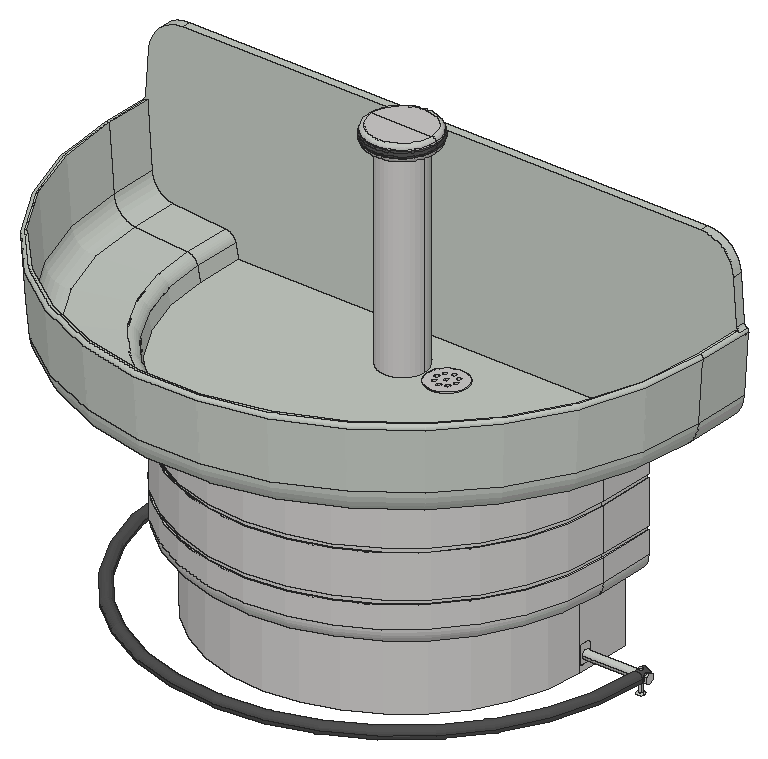
Revit family "Washfountain_Lavatory-Bradley_Corp-WF2504-Type_A_Drain", category Plumbing Fixtures, Revit 2012 (continued)
Lines and regions (in)
  model lines, not visible
    curve 171: line (-21.00049, -5.09016, 0) -> (-21.00049, -4.125, 0)
    curve 172: arc (21.00049, -5.09016, 0) -> (0, -26.09065, 0) -> (-21.00049, -5.09016, 0) r 21.00049
    curve 173: line (21.00049, -4.125, 0) -> (21.00049, -5.09016, 0)
  sketch lines
    curve 17: line (-26.97649, -5.09016, 29.5) -> (-26.97649, 0, 29.5)
    curve 18: arc (-26.97649, -5.09016, 29.5) -> (0, -32.06665, 29.5) -> (26.97649, -5.09016, 29.5) r 26.97649
    curve 19: line (26.97649, -5.09016, 29.5) -> (26.97649, 0, 29.5)
    curve 20: line (-26.97649, -5.09016, 29.5) -> (-26.97649, 0, 29.5)
    curve 21: arc (-26.97649, -5.09016, 29.5) -> (0, -32.06665, 29.5) -> (26.97649, -5.09016, 29.5) r 26.97649
    curve 22: line (26.97649, -5.09016, 29.5) -> (26.97649, 0, 29.5)
    curve 26: line (-18.00049, 0, 19) -> (-18.00049, -5.09016, 19)
    curve 27: arc (-18.00049, -5.09016, 19) -> (0, -23.09065, 19) -> (18.00049, -5.09016, 19) r 18.00049
    curve 28: line (18.00049, -5.09016, 19) -> (18.00049, 0, 19)
    curve 29: line (-18.00049, 0, 19) -> (-18.00049, -5.09016, 19)
    curve 30: arc (-18.00049, -5.09016, 19) -> (0, -23.09065, 19) -> (18.00049, -5.09016, 19) r 18.00049
    curve 31: line (18.00049, -5.09016, 19) -> (18.00049, 0, 19)
    curve 32: line (-18.00049, 0, 19) -> (-18.00049, -5.09016, 19)
    curve 33: arc (-18.00049, -5.09016, 19) -> (0, -23.09065, 19) -> (18.00049, -5.09016, 19) r 18.00049
    curve 34: line (18.00049, -5.09016, 19) -> (18.00049, 0, 19)
    curve 35: line (-18.00049, 0, 19) -> (-18.00049, -5.09016, 19)
    curve 36: arc (-18.00049, -5.09016, 19) -> (0, -23.09065, 19) -> (18.00049, -5.09016, 19) r 18.00049
    curve 37: line (18.00049, -5.09016, 19) -> (18.00049, 0, 19)
    curve 174: line (-21.00049, -5.09016, 0) -> (-21.00049, -4.125, 0)
    curve 175: arc (21.00049, -5.09016, 0) -> (0, -26.09065, 0) -> (-21.00049, -5.09016, 0) r 21.00049
    curve 176: line (21.00049, -4.125, 0) -> (21.00049, -5.09016, 0)
  symbolic lines, visible <- "Standard Height"
    curve 38: line (-15.8525, 0, 6.50286) -> (15.85299, 0, 6.50286)
    curve 59: line (0, -20.94266, 6.50286) -> (0, 0, 6.50286)
  symbolic lines, visible <- "Standard Height", detail levels fine
    curve 39: line (17.87156, 0, 10.0615) -> (-17.87156, 0, 10.0615)
    curve 41: line (17.87156, 0, 10.43646) -> (-17.87156, 0, 10.43646)
    curve 42: line (17.87156, 0, 14.24904) -> (-17.87156, 0, 14.24904)
    curve 44: line (17.87156, 0, 14.624) -> (-17.87156, 0, 14.624)
    curve 60: line (0, -22.9605, 10.0615) -> (0, 0, 10.0615)
    curve 61: line (0, -22.9605, 10.43646) -> (0, 0, 10.43646)
    curve 63: line (0, -22.9605, 14.24904) -> (0, 0, 14.24904)
    curve 64: line (0, -22.9605, 14.624) -> (0, 0, 14.624)
  symbolic lines, visible <- "Standard Height", detail levels medium
    curve 40: line (-17.87156, 0, 10.24898) -> (17.87156, 0, 10.24898)
    curve 43: line (-17.87156, 0, 14.43652) -> (17.87156, 0, 14.43652)
    curve 62: line (0, -22.9605, 10.24898) -> (0, 0, 10.24898)
    curve 65: line (0, -22.9605, 14.43652) -> (0, 0, 14.43652)
  symbolic lines, visible <- "Juvenile Height"
    curve 45: line (-15.8525, 0, 9.1514) -> (15.8525, 0, 9.1514)
    curve 52: line (0, -20.94266, 9.1514) -> (0, 0, 9.1514)
  symbolic lines, visible <- "Juvenile Height", detail levels fine
    curve 46: line (17.89889, 0, 11.95585) -> (-17.89889, 0, 11.95585)
    curve 47: line (-17.89889, 0, 12.25134) -> (17.89889, 0, 12.25134)
    curve 49: line (17.89889, 0, 15.25592) -> (-17.89889, 0, 15.25592)
    curve 50: line (-17.89889, 0, 15.55141) -> (17.89889, 0, 15.55141)
    curve 53: line (0, -22.98904, 11.95585) -> (0, 0, 11.95585)
    curve 54: line (0, -22.98904, 12.25134) -> (0, 0, 12.25134)
    curve 56: line (0, -22.98904, 15.25592) -> (0, 0, 15.25592)
    curve 57: line (0, -22.98904, 15.55141) -> (0, 0, 15.55141)
  symbolic lines, visible <- "Juvenile Height", detail levels medium
    curve 48: line (17.89889, 0, 12.1036) -> (-17.89889, 0, 12.1036)
    curve 51: line (17.89889, 0, 15.40367) -> (-17.89889, 0, 15.40367)
    curve 55: line (0, -22.98904, 12.1036) -> (0, 0, 12.1036)
    curve 58: line (0, -22.98904, 15.40367) -> (0, 0, 15.40367)
  symbolic lines, detail levels coarse
    curve 66: line (0, -24.19857, 21.03318) -> (0, 0, 21.03318)
    curve 102: line (26.76758, 0, 29.5) -> (26.99999, 0, 29.5)
    curve 103: line (-26.76758, 0, 29.5) -> (-26.99999, 0, 29.5)
  symbolic lines, detail levels medium+fine
    curve 67: arc (0, -24.5796, 21.06589) -> (0, -20.96589, 20.75555) -> (0, -17.33954, 20.68645) r 54.45771
    curve 68: arc (-19.4921, -32.2274, 21.06542) -> (0, -32.2274, 20.35292) -> (19.4921, -32.2274, 21.06542) r 266.9846
    curve 73: line (-3.035, -5.25, 38.30527) -> (3.035, -5.25, 38.30527)
    curve 76: line (3.035, -5.25, 37.80542) -> (-3.03521, -5.25, 37.80542)
    curve 86: line (0, -2.215, 38.30527) -> (0, -8.28501, 38.30527)
    curve 89: line (0, -8.285, 37.80542) -> (0, -2.21501, 37.80542)
    curve 155: circle (0, -5.25, 38.75) r 3.035 normal (0, 0, 1)
    curve 209: circle (4, -5.25, 29.5) r 1.25 normal (0, 0, 1)
    curve 210: circle (4, -5.25, 29.5) r 0.1842 normal (0, 0, 1)
    curve 211: circle (4, -4.37229, 29.5) r 0.1842 normal (0, 0, 1)
    curve 212: circle (4.62063, -4.62937, 29.5) r 0.1842 normal (0, 0, 1)
    curve 213: circle (4.87771, -5.25, 29.5) r 0.1842 normal (0, 0, 1)
    curve 214: circle (4.62063, -5.87063, 29.5) r 0.1842 normal (0, 0, 1)
    curve 215: circle (4, -6.12771, 29.5) r 0.1842 normal (0, 0, 1)
    curve 216: circle (3.37937, -5.87063, 29.5) r 0.1842 normal (0, 0, 1)
    curve 217: circle (3.12229, -5.25, 29.5) r 0.1842 normal (0, 0, 1)
    curve 218: circle (3.37937, -4.62937, 29.5) r 0.1842 normal (0, 0, 1)
  symbolic lines, visible <- "Sensor Module", detail levels fine
    curve 69: line (-4.49987, -5.25, 41.68459) -> (4.49987, -5.25, 41.68459)
    curve 92: line (0, -0.75014, 41.68459) -> (0, -9.75014, 41.68459)
  symbolic lines, visible <- "Sensor Module", detail levels medium
    curve 70: line (4.57537, -5.25, 40.23512) -> (-4.57537, -5.25, 40.23512)
    curve 93: line (0, -9.82537, 40.23512) -> (0, -0.67463, 40.23512)
  symbolic lines, visible <- "Sensor Module"
    curve 71: line (-2, -5.25, 39.40962) -> (1.99689, -5.25, 39.40962)
    curve 94: line (0, -3.25001, 39.40962) -> (0, -7.25, 39.40962)
  symbolic lines, detail levels medium
    curve 72: line (-3.125, -5.25, 38.30527) -> (-3.035, -5.25, 38.30527)
    curve 74: line (3.035, -5.25, 38.30527) -> (3.125, -5.25, 38.30527)
    curve 75: line (3.125, -5.25, 37.80542) -> (3.035, -5.25, 37.80542)
    curve 77: line (-3.03521, -5.25, 37.80542) -> (-3.125, -5.25, 37.80542)
    curve 85: line (0, -2.125, 38.30527) -> (0, -2.215, 38.30527)
    curve 87: line (0, -8.28501, 38.30527) -> (0, -8.375, 38.30527)
    curve 88: line (0, -8.375, 37.80542) -> (0, -8.285, 37.80542)
    curve 90: line (0, -2.21501, 37.80542) -> (0, -2.125, 37.80542)
  symbolic lines
    curve 78: line (-2, -5.25, 37.36037) -> (2, -5.25, 37.36037)
    curve 91: line (0, -3.25001, 37.36037) -> (0, -7.25001, 37.36037)
    curve 101: line (-26.76758, 0, 29.5) -> (26.76758, 0, 29.5)
    curve 146: line (-18.00049, -5.09016, 29.5) -> (-18.00049, -0.8003, 29.5)
    curve 147: arc (-18.00049, -5.09016, 29.5) -> (0, -23.09065, 29.5) -> (18.00049, -5.09016, 29.5) r 18.00049
    curve 148: line (18.00049, -0.8003, 29.5) -> (18.00049, -5.09016, 29.5)
    curve 156: line (-26.99999, -0.8003, 29.5) -> (26.99999, -0.8003, 29.5)
    curve 204: line (-26.50049, -5.09016, 29.5) -> (-26.50049, -0.8003, 29.5)
    curve 205: arc (26.50049, -5.09016, 29.5) -> (0, -31.59065, 29.5) -> (-26.50049, -5.09016, 29.5) r 26.50049
    curve 206: line (26.50049, -0.8003, 29.5) -> (26.50049, -5.09016, 29.5)
    curve 208: circle (4, -5.25, 29.5) r 1.75 normal (0, 0, 1)
  symbolic lines, visible <- "Soap Dispenser", detail levels medium+fine
    curve 79: line (-6.24592, -5.25, 46.25047) -> (6.24592, -5.25, 46.25047)
    curve 96: line (0, -11.49592, 46.25047) -> (0, -3, 46.25047)
    curve 151: line (-5.85471, -3, 47.25) -> (-5.85471, -5.25, 47.25)
    curve 152: arc (5.85471, -5.25, 47.25) -> (0, -11.10471, 47.25) -> (-5.85471, -5.25, 47.25) r 5.85471
    curve 153: line (5.85471, -5.25, 47.25) -> (5.85471, -3, 47.25)
  symbolic lines, visible <- "Soap Dispenser", detail levels fine
    curve 80: line (6.24592, -5.25, 46.87642) -> (-6.24592, -5.25, 46.87642)
    curve 81: line (-5.97, -5.25, 45.63597) -> (5.97, -5.25, 45.63597)
    curve 82: line (5.93, -5.25, 44.38597) -> (-5.93, -5.25, 44.38597)
    curve 83: line (-5.88598, -5.25, 43.13598) -> (5.88598, -5.25, 43.13598)
    curve 84: line (5.85471, -5.25, 41.88597) -> (-5.85471, -5.25, 41.88597)
    curve 95: line (0, -11.49592, 46.87642) -> (0, -3, 46.87642)
    curve 97: line (0, -11.22, 45.63597) -> (0, -3, 45.63597)
    curve 98: line (0, -11.18, 44.38597) -> (0, -3, 44.38597)
    curve 99: line (0, -11.13598, 43.13598) -> (0, -3, 43.13598)
    curve 100: line (0, -11.10471, 41.88597) -> (0, -3, 41.88597)
  model lines, visible <- "Towel Dispenser", detail levels fine
    curve 106: spline (3.55188, -13.597, 53.37502) -> (3.64368, -13.43362, 56.41615) -> (3.91281, -12.95459, 59.25002) -> (4.34094, -12.19257, 61.68353) -> (4.89888, -11.19948, 63.55082) -> (5.54862, -10.04301, 64.72465) -> (6.24588, -8.80197, 65.12502) -> (6.94314, -7.56092, 64.72465) -> (7.59288, -6.40445, 63.55082) -> (8.15082, -5.41136, 61.68353) -> (8.57895, -4.64934, 59.25002) -> (8.84808, -4.17032, 56.41615) -> (8.93988, -4.00693, 53.37502)
    curve 107: spline (-8.93988, -4.00693, 53.37502) -> (-8.84808, -4.17032, 56.41615) -> (-8.57895, -4.64934, 59.25002) -> (-8.15082, -5.41136, 61.68353) -> (-7.59288, -6.40445, 63.55082) -> (-6.94314, -7.56092, 64.72465) -> (-6.24588, -8.80197, 65.12502) -> (-5.54862, -10.04301, 64.72465) -> (-4.89888, -11.19948, 63.55082) -> (-4.34094, -12.19257, 61.68353) -> (-3.91281, -12.95459, 59.25002) -> (-3.64368, -13.43362, 56.41615) -> (-3.55188, -13.597, 53.37502)
    curve 140: spline (-7.98129, -5.71312, 55.97659) -> (-7.96197, -5.74749, 56.01066) -> (-7.94398, -5.77953, 56.11056) -> (-7.92852, -5.80703, 56.26948) -> (-7.91666, -5.82814, 56.47659) -> (-7.90921, -5.84141, 56.71777) -> (-7.90667, -5.84593, 56.97659) -> (-7.90921, -5.84141, 57.2354) -> (-7.91666, -5.82814, 57.47659) -> (-7.92852, -5.80703, 57.68369) -> (-7.94398, -5.77953, 57.84261) -> (-7.96197, -5.74749, 57.94251) -> (-7.98129, -5.71312, 57.97659) -> (-8.0006, -5.67874, 57.94251) -> (-8.0186, -5.64671, 57.84261) -> (-8.03405, -5.6192, 57.68369) -> (-8.04591, -5.59809, 57.47659) -> (-8.05337, -5.58483, 57.2354) -> (-8.05591, -5.5803, 56.97659) -> (-8.05337, -5.58483, 56.71777) -> (-8.04591, -5.59809, 56.47659) -> (-8.03405, -5.6192, 56.26948) -> (-8.0186, -5.64671, 56.11056) -> (-8.0006, -5.67874, 56.01066) -> (-7.98129, -5.71312, 55.97659)
    curve 141: spline (4.51047, -11.89081, 55.97659) -> (4.52978, -11.85644, 56.01066) -> (4.54778, -11.82441, 56.11056) -> (4.56324, -11.7969, 56.26948) -> (4.57509, -11.77579, 56.47659) -> (4.58255, -11.76252, 56.71777) -> (4.58509, -11.758, 56.97659) -> (4.58255, -11.76252, 57.2354) -> (4.57509, -11.77579, 57.47659) -> (4.56324, -11.7969, 57.68369) -> (4.54778, -11.82441, 57.84261) -> (4.52978, -11.85644, 57.94251) -> (4.51047, -11.89081, 57.97659) -> (4.49116, -11.92519, 57.94251) -> (4.47316, -11.95722, 57.84261) -> (4.45771, -11.98473, 57.68369) -> (4.44585, -12.00584, 57.47659) -> (4.43839, -12.01911, 57.2354) -> (4.43585, -12.02363, 56.97659) -> (4.43839, -12.01911, 56.71777) -> (4.44585, -12.00584, 56.47659) -> (4.45771, -11.98473, 56.26948) -> (4.47316, -11.95722, 56.11056) -> (4.49116, -11.92519, 56.01066) -> (4.51047, -11.89081, 55.97659)
  symbolic lines, visible <- "Towel Dispenser"
    curve 108: line (-8.93988, -27, 66.62567) -> (-3.55188, -27, 66.62567)
    curve 109: line (-0.06458, -27, 67.313) -> (-3.55188, -27, 66.62567)
    curve 110: line (3.55188, -27, 66.62567) -> (0.06458, -27, 67.313)
    curve 111: line (8.93988, -27, 66.62567) -> (3.55188, -27, 66.62567)
    curve 112: line (3.55188, -27, 53.37502) -> (3.55188, -27, 66.62567)
    curve 113: line (-3.55188, -27, 66.62567) -> (-3.55188, -27, 53.37502)
    curve 114: line (-8.93988, -27, 53.37502) -> (-3.55188, -27, 53.37502)
    curve 115: line (-3.55188, -27, 53.37502) -> (-1.59028, -27, 52)
    curve 116: line (1.59028, -27, 52) -> (3.55188, -27, 53.37502)
    curve 125: line (0.06458, -27, 67.313) -> (0.06458, -27, 52)
    curve 126: line (-0.06458, -27, 52) -> (-0.06458, -27, 67.313)
    curve 130: line (0, -4.00693, 66.62567) -> (0, -2.04766, 67.313)
    curve 131: line (0, -4.00693, 66.62567) -> (0, -13.597, 66.62567)
    curve 132: line (0, -4.00693, 53.37502) -> (0, -4.00693, 66.62567)
    curve 133: line (0, -4.00693, 53.37502) -> (0, -13.597, 53.37502)
    curve 134: line (0, -2.90484, 52) -> (0, -4.00693, 53.37502)
    curve 145: line (8.93988, -27, 53.37502) -> (3.55188, -27, 53.37502)
    curve 149: line (-6.97827, -2.90484, 52) -> (-1.59028, -12.49491, 52)
    curve 150: line (6.97827, -2.90484, 52) -> (1.59028, -12.49491, 52)
    curve 157: line (-0.06458, -11.63773, 52) -> (-5.45258, -2.04766, 52)
    curve 158: line (5.45258, -2.04766, 52) -> (0.06458, -11.63773, 52)
    curve 160: line (-5.45258, 3, 67.313) -> (-5.45258, 3, 52)
    curve 161: line (5.45258, 3, 67.313) -> (5.45258, 3, 52)
    curve 162: line (5.45258, 3, 66.62567) -> (-5.45258, 3, 66.62567)
    curve 163: line (-5.45258, 3, 66.12567) -> (5.45258, 3, 66.12567)
    curve 164: line (5.45258, 3, 53.5786) -> (-5.45258, 3, 53.5786)
    curve 165: line (-5.45258, 3, 53.0786) -> (5.45258, 3, 53.0786)
    curve 166: line (-2, 3, 66.12567) -> (-2, 3, 53.5786)
    curve 167: line (2, 3, 66.12567) -> (2, 3, 53.5786)
    curve 168: line (-2, 3, 53.0786) -> (-2, 3, 52)
    curve 169: line (2, 3, 53.0786) -> (2, 3, 52)
    curve 170: line (-2, -27, 52) -> (2, -27, 52)
  symbolic lines, visible <- "Towel Dispenser", detail levels medium+fine
    curve 117: line (3.86374, -27, 53.0786) -> (7.78228, -27, 53.0786)
    curve 118: spline (7.78228, -27, 53.0786) -> (7.85835, -27, 53.06528) -> (7.89121, -27, 53.02621) -> (7.87863, -27, 52.96406) -> (7.82146, -27, 52.88306) -> (7.7236, -27, 52.78873) -> (7.59171, -27, 52.68751) -> (7.43479, -27, 52.58629) -> (7.26353, -27, 52.49197) -> (7.08959, -27, 52.41097) -> (6.92485, -27, 52.34882) -> (6.78051, -27, 52.30975) -> (6.66642, -27, 52.29642)
    curve 119: line (6.66642, -27, 52.29642) -> (2.74787, -27, 52.29642)
    curve 120: spline (2.74787, -27, 52.29642) -> (2.6718, -27, 52.30975) -> (2.63894, -27, 52.34882) -> (2.65152, -27, 52.41097) -> (2.70869, -27, 52.49197) -> (2.80656, -27, 52.58629) -> (2.93844, -27, 52.68751) -> (3.09536, -27, 52.78873) -> (3.26663, -27, 52.88306) -> (3.44056, -27, 52.96406) -> (3.60531, -27, 53.02621) -> (3.74965, -27, 53.06528) -> (3.86374, -27, 53.0786)
    curve 121: line (-3.86374, -27, 53.0786) -> (-7.78228, -27, 53.0786)
    curve 122: spline (-7.78228, -27, 53.0786) -> (-7.85835, -27, 53.06528) -> (-7.89121, -27, 53.02621) -> (-7.87863, -27, 52.96406) -> (-7.82146, -27, 52.88306) -> (-7.7236, -27, 52.78873) -> (-7.59171, -27, 52.68751) -> (-7.43479, -27, 52.58629) -> (-7.26353, -27, 52.49197) -> (-7.08959, -27, 52.41097) -> (-6.92485, -27, 52.34882) -> (-6.78051, -27, 52.30975) -> (-6.66642, -27, 52.29642)
    curve 123: line (-6.66642, -27, 52.29642) -> (-2.74787, -27, 52.29642)
    curve 124: spline (-2.74787, -27, 52.29642) -> (-2.6718, -27, 52.30975) -> (-2.63894, -27, 52.34882) -> (-2.65152, -27, 52.41097) -> (-2.70869, -27, 52.49197) -> (-2.80656, -27, 52.58629) -> (-2.93844, -27, 52.68751) -> (-3.09536, -27, 52.78873) -> (-3.26663, -27, 52.88306) -> (-3.44056, -27, 52.96406) -> (-3.60531, -27, 53.02621) -> (-3.74965, -27, 53.06528) -> (-3.86374, -27, 53.0786)
    curve 135: line (0, -5.07708, 53.0786) -> (0, -12.05168, 53.0786)
    curve 136: spline (0, -12.05168, 53.0786) -> (0, -12.21024, 53.06528) -> (0, -12.33662, 53.02621) -> (0, -12.42223, 52.96406) -> (0, -12.46122, 52.88306) -> (0, -12.45094, 52.78873) -> (0, -12.39209, 52.68751) -> (0, -12.28868, 52.58629) -> (0, -12.14776, 52.49197) -> (0, -11.97892, 52.41097) -> (0, -11.79369, 52.34882) -> (0, -11.60467, 52.30975) -> (0, -11.42476, 52.29642)
    curve 137: line (0, -11.42476, 52.29642) -> (0, -4.45016, 52.29642)
    curve 138: spline (0, -4.45016, 52.29642) -> (0, -4.29161, 52.30975) -> (0, -4.16522, 52.34882) -> (0, -4.07961, 52.41097) -> (0, -4.04062, 52.49197) -> (0, -4.0509, 52.58629) -> (0, -4.10975, 52.68751) -> (0, -4.21316, 52.78873) -> (0, -4.35409, 52.88306) -> (0, -4.52292, 52.96406) -> (0, -4.70815, 53.02621) -> (0, -4.89717, 53.06528) -> (0, -5.07708, 53.0786)
  symbolic lines, visible <- "Towel Dispenser", detail levels fine
    curve 127: spline (3.55188, -27, 53.37502) -> (3.64368, -27, 56.41615) -> (3.91281, -27, 59.25002) -> (4.34094, -27, 61.68353) -> (4.89888, -27, 63.55082) -> (5.54862, -27, 64.72465) -> (6.24588, -27, 65.12502) -> (6.94314, -27, 64.72465) -> (7.59288, -27, 63.55082) -> (8.15082, -27, 61.68353) -> (8.57895, -27, 59.25002) -> (8.84808, -27, 56.41615) -> (8.93988, -27, 53.37502)
    curve 128: spline (-8.93988, -27, 53.37502) -> (-8.84808, -27, 56.41615) -> (-8.57895, -27, 59.25002) -> (-8.15082, -27, 61.68353) -> (-7.59288, -27, 63.55082) -> (-6.94314, -27, 64.72465) -> (-6.24588, -27, 65.12502) -> (-5.54862, -27, 64.72465) -> (-4.89888, -27, 63.55082) -> (-4.34094, -27, 61.68353) -> (-3.91281, -27, 59.25002) -> (-3.64368, -27, 56.41615) -> (-3.55188, -27, 53.37502)
    curve 139: spline (0, -4.00693, 53.37502) -> (0, -4.17032, 56.41615) -> (0, -4.64934, 59.25002) -> (0, -5.41136, 61.68353) -> (0, -6.40445, 63.55082) -> (0, -7.56092, 64.72465) -> (0, -8.80197, 65.12502) -> (0, -10.04301, 64.72465) -> (0, -11.19948, 63.55082) -> (0, -12.19257, 61.68353) -> (0, -12.95459, 59.25002) -> (0, -13.43362, 56.41615) -> (0, -13.597, 53.37502)
    curve 142: spline (-7.98129, -27, 55.97659) -> (-7.96197, -27, 56.01066) -> (-7.94398, -27, 56.11056) -> (-7.92852, -27, 56.26948) -> (-7.91666, -27, 56.47659) -> (-7.90921, -27, 56.71777) -> (-7.90667, -27, 56.97659) -> (-7.90921, -27, 57.2354) -> (-7.91666, -27, 57.47659) -> (-7.92852, -27, 57.68369) -> (-7.94398, -27, 57.84261) -> (-7.96197, -27, 57.94251) -> (-7.98129, -27, 57.97659) -> (-8.0006, -27, 57.94251) -> (-8.0186, -27, 57.84261) -> (-8.03405, -27, 57.68369) -> (-8.04591, -27, 57.47659) -> (-8.05337, -27, 57.2354) -> (-8.05591, -27, 56.97659) -> (-8.05337, -27, 56.71777) -> (-8.04591, -27, 56.47659) -> (-8.03405, -27, 56.26948) -> (-8.0186, -27, 56.11056) -> (-8.0006, -27, 56.01066) -> (-7.98129, -27, 55.97659)
    curve 143: spline (4.51047, -27, 55.97659) -> (4.52978, -27, 56.01066) -> (4.54778, -27, 56.11056) -> (4.56324, -27, 56.26948) -> (4.57509, -27, 56.47659) -> (4.58255, -27, 56.71777) -> (4.58509, -27, 56.97659) -> (4.58255, -27, 57.2354) -> (4.57509, -27, 57.47659) -> (4.56324, -27, 57.68369) -> (4.54778, -27, 57.84261) -> (4.52978, -27, 57.94251) -> (4.51047, -27, 57.97659) -> (4.49116, -27, 57.94251) -> (4.47316, -27, 57.84261) -> (4.45771, -27, 57.68369) -> (4.44585, -27, 57.47659) -> (4.43839, -27, 57.2354) -> (4.43585, -27, 56.97659) -> (4.43839, -27, 56.71777) -> (4.44585, -27, 56.47659) -> (4.45771, -27, 56.26948) -> (4.47316, -27, 56.11056) -> (4.49116, -27, 56.01066) -> (4.51047, -27, 55.97659)
    curve 144: spline (0, -5.71312, 55.97659) -> (0, -5.74749, 56.01066) -> (0, -5.77953, 56.11056) -> (0, -5.80703, 56.26948) -> (0, -5.82814, 56.47659) -> (0, -5.84141, 56.71777) -> (0, -5.84593, 56.97659) -> (0, -5.84141, 57.2354) -> (0, -5.82814, 57.47659) -> (0, -5.80703, 57.68369) -> (0, -5.77953, 57.84261) -> (0, -5.74749, 57.94251) -> (0, -5.71312, 57.97659) -> (0, -5.67874, 57.94251) -> (0, -5.64671, 57.84261) -> (0, -5.6192, 57.68369) -> (0, -5.59809, 57.47659) -> (0, -5.58483, 57.2354) -> (0, -5.5803, 56.97659) -> (0, -5.58483, 56.71777) -> (0, -5.59809, 56.47659) -> (0, -5.6192, 56.26948) -> (0, -5.64671, 56.11056) -> (0, -5.67874, 56.01066) -> (0, -5.71312, 55.97659)
  symbolic lines, visible <- "Sensor Module", detail levels medium+fine
    curve 154: circle (0, -5.25, 42.25) r 2.10282 normal (0, 0, 1)
  symbolic lines, visible <- "Foot Control Valve"
    curve 177: line (-15.978, 0, 1.796) -> (-20.65712, 0, 1.796)
    curve 178: line (-15.978, 0, 1.054) -> (-20.65712, 0, 1.054)
    curve 179: arc (-20.88349, 0, 1.925) -> (-20.50058, 0, 1.425) -> (-20.88349, 0, 0.925) r 0.5179
    curve 184: line (15.978, 0, 1.796) -> (20.65712, 0, 1.796)
    curve 185: line (15.978, 0, 1.054) -> (20.65712, 0, 1.054)
    curve 186: arc (20.88349, 0, 1.925) -> (20.50058, 0, 1.425) -> (20.88349, 0, 0.925) r 0.5179
  symbolic lines, visible <- "Foot Control Valve", detail levels fine
    curve 180: line (-21.53456, 0, 1.796) -> (-21.53456, 0, 1.054)
    curve 181: line (-21.80027, 0, 1.64221) -> (-21.53456, 0, 1.64221)
    curve 182: line (-21.80027, 0, 1.21324) -> (-21.53456, 0, 1.21324)
    curve 183: line (-21.11749, 0, 0.12175) -> (-20.88349, 0, 0.12175)
    curve 187: line (21.53456, 0, 1.796) -> (21.53456, 0, 1.054)
    curve 188: line (21.80027, 0, 1.64221) -> (21.53456, 0, 1.64221)
    curve 189: line (21.80027, 0, 1.21324) -> (21.53456, 0, 1.21324)
    curve 190: line (21.11749, 0, 0.12175) -> (20.88349, 0, 0.12175)
    curve 192: arc (0, -4.996, 1.425) -> (0, -4.625, 1.796) -> (0, -4.254, 1.425) r 0.371
    curve 193: arc (0, -4.254, 1.425) -> (0, -4.625, 1.054) -> (0, -4.996, 1.425) r 0.371
    curve 194: line (0, -4.12723, 2.04222) -> (0, -4.12723, 1.925)
    curve 195: arc (0, -4.12723, 0.91722) -> (0, -4.20046, 0.74044) -> (0, -4.37723, 0.66722) r 0.25
    curve 196: line (0, -4.37723, 0.66722) -> (0, -4.508, 0.66722)
    curve 197: arc (0, -4.87723, 0.66722) -> (0, -5.05401, 0.74044) -> (0, -5.12723, 0.91722) r 0.25
    curve 198: arc (0, -5.12723, 2.04222) -> (0, -5.05401, 2.219) -> (0, -4.87723, 2.29222) r 0.25
    curve 199: line (0, -4.87723, 2.29222) -> (0, -4.37723, 2.29222)
    curve 200: arc (0, -4.37723, 2.29222) -> (0, -4.20046, 2.219) -> (0, -4.12723, 2.04222) r 0.25
    curve 202: line (0, -5.12723, 1.925) -> (0, -5.12723, 2.04222)
    curve 203: line (0, -4.742, 0.66722) -> (0, -4.87723, 0.66722)
  symbolic lines, not visible, detail levels fine
    curve 201: line (0, -4.12723, 1.73022) -> (0, -4.12723, 0.91722)
  model lines, detail levels medium+fine
    curve 207: circle (4, -5.25, 19.55176) r 1.25 normal (0, 0, 1)
  symbolic lines, visible <- "Button Visibility"
    curve 219: circle (0, -5.25, 40.8851) r 0.5 normal (0, -1, 0)
Dimensions and locks (in)
  equal spacing: plane 4 "Left", plane 3 "Center (Left/Right)", plane 5 "Right"
  "Width": plane 4 "Left" to plane 5 "Right"
  "Towel Dispenser Height": plane 6 "Towel Dispenser" to plane 2
  "Soap Dispenser Height": plane 7 "Soap Dispenser" to plane 2
  "Sensor Module Height": plane 8 "Sensor Module" to plane 2
  "Spray Head Height": plane 9 "Spray Head" to plane 2
  "Rim Height": plane 10 "Rim Height" to plane 2
  "Pedestal Height": plane 11 "Pedestal Height" to plane 2
  equal spacing: curve 14, plane 3 "Center (Left/Right)", curve 16
  locked: plane 7 "Soap Dispenser" to Revolve 7 sketch curve at 6
  locked: plane 9 "Spray Head" to Revolve 10 sketch curve at 1.38963
  locked: plane 7 "Soap Dispenser" to Extrusion 14 sketch curve at 6
  locked: plane 8 "Sensor Module" to Revolve 15 sketch curve at 2.84038
  locked: plane 8 "Sensor Module" to Revolve 16 sketch curve at 2.84038
  locked: plane 8 "Sensor Module" to Masking region 13 sketch curve at 2.84038  (x2)
  locked: plane 8 "Sensor Module" to Masking region 14 sketch curve at 2.84038  (x2)
  locked: plane 9 "Spray Head" to Masking region 15 sketch curve at 1.39  (x2)
  locked: plane 9 "Spray Head" to Masking region 16 sketch curve at 1.39
  locked: plane 9 "Spray Head" to Masking region 16 sketch curve at 1.38963
  locked: plane 7 "Soap Dispenser" to Masking region 17 sketch curve at 6
  locked: plane 7 "Soap Dispenser" to Masking region 18 sketch curve at 6
  locked: plane 9 "Spray Head" to Revolve 9 sketch curve at 1.38963
  locked: plane 9 "Spray Head" to Masking region 19 sketch curve at 1.38963  (x2)
  locked: plane 9 "Spray Head" to Masking region 20 sketch curve at 1.38963  (x2)
  locked: plane 8 "Sensor Module" to Masking region 21 sketch curve at 2.84038  (x2)
  locked: plane 8 "Sensor Module" to Masking region 22 sketch curve at 2.84038  (x2)
  locked: Extrusion 17 sketch curve to curve 104 at 4
  locked: curve 104 to Extrusion 17 sketch curve at 15.313
  locked: curve 104 to Extrusion 17 sketch curve at 15.16279
  locked: curve 105 to Extrusion 18 sketch curve at 4
  locked: curve 105 to Extrusion 18 sketch curve at 15.16279
  locked: curve 105 to Extrusion 18 sketch curve at 15.313
  locked: Masking region 25 sketch curve to plane 6 "Towel Dispenser" at 15.313
  locked: Extrusion 19 to Extrusion 17 at 1
  "Towel Dispenser Holder": plane 6 "Towel Dispenser" to Extrusion 19
  "Towel Dispenser Holder": plane 6 "Towel Dispenser" to Masking region 32
  locked: plane 7 "Soap Dispenser" to plane 12 at 6
  "Soap Dispenser Holder": plane 12 to Extrusion 20
  "Soap Dispenser Holder": plane 12 to Masking region 33
  "Soap Dispenser Holder": Masking region 34 to plane 12
  "Towel Dispenser Holder": plane 6 "Towel Dispenser" to Masking region 25 sketch curve
  plane 13 to plane 1 "Center (Front/Back)" = 32.2274"
  locked: Extrusion 19 to Masking region 26 sketch curve at 1
  Extrusion 38 sketch curve to plane 3 "Center (Left/Right)" to Extrusion 38 sketch curve = 7.625" locked, 7.625" locked
  locked: Extrusion 38 sketch curve to plane 1 "Center (Front/Back)" at 2  (x2)
  locked: Extrusion 39 sketch curve to plane 1 "Center (Front/Back)" at 5.25
  Extrusion 39 to plane 2 = 3.000"
  locked: Extrusion 38 to plane 2 at 2.5
  Extrusion 40 sketch curve to plane 3 "Center (Left/Right)" to Extrusion 40 sketch curve = 7.625" locked, 7.625" locked
  "Secondary Supply Height": Extrusion 40 sketch curve to plane 2  (x2)
  locked: plane 1 "Center (Front/Back)" to Extrusion 40 at 2.5
  plane 7 "Soap Dispenser" to Revolve 8 sketch curve to Revolve 8 sketch curve = 0.99953" locked, 5.00047" locked
  plane 7 "Soap Dispenser" to Extrusion 13 sketch curve to Extrusion 13 sketch curve = 0.99953" locked, 5.00047" locked
  locked: plane 7 "Soap Dispenser" to Revolve 41 sketch curve at 0.99953
  locked: plane 7 "Soap Dispenser" to Extrusion 42 sketch curve at 0.99953
  Extrusion 40 sketch curve to Extrusion 40 sketch curve to plane 2 = 2.000" locked, 10.000" locked
  locked: plane 3 "Center (Left/Right)" to Extrusion 39 sketch curve at 4
  "Hot Lavatory Inlet Secondary Radius": radius of Extrusion 38 sketch curve
  "Cold Lavatory Inlet Secondary Radius": radius of Extrusion 38 sketch curve
  "Drain Radius": radius of Extrusion 39 sketch curve
  "Hot Lavatory Inlet Primary Radius": radius of Extrusion 40 sketch curve
  "Cold Lavatory Inlet Primary Radius": radius of Extrusion 40 sketch curve
  aligned and locked: Revolve 7 sketch curve to plane 3 "Center (Left/Right)"
  aligned and locked: Revolve 8 sketch curve to plane 3 "Center (Left/Right)"
  aligned and locked: Revolve 9 sketch curve to plane 3 "Center (Left/Right)"
  aligned and locked: Revolve 10 sketch curve to plane 3 "Center (Left/Right)"
  aligned and locked: plane 3 "Center (Left/Right)" to Revolve 10 sketch curve
  aligned and locked: Revolve 10 sketch curve to plane 11 "Pedestal Height"
  aligned and locked: Revolve 9 sketch curve to plane 11 "Pedestal Height"
  aligned and locked: Revolve 15 sketch curve to plane 9 "Spray Head"
  aligned and locked: Revolve 15 sketch curve to plane 3 "Center (Left/Right)"
  aligned and locked: Revolve 16 sketch curve to plane 9 "Spray Head"
  aligned and locked: Revolve 16 sketch curve to plane 3 "Center (Left/Right)"
  aligned and locked: Masking region 13 sketch curve to plane 9 "Spray Head"
  aligned and locked: Masking region 14 sketch curve to plane 9 "Spray Head"
  aligned and locked: Masking region 15 sketch curve to plane 10 "Rim Height"
  aligned and locked: Masking region 16 sketch curve to plane 10 "Rim Height"
  aligned and locked: plane 10 "Rim Height" to Masking region 19 sketch curve
  aligned and locked: Masking region 20 sketch curve to plane 10 "Rim Height"
  aligned and locked: Masking region 21 sketch curve to plane 9 "Spray Head"
  aligned and locked: Masking region 22 sketch curve to plane 9 "Spray Head"
  aligned and locked: plane 6 "Towel Dispenser" to Masking region 32 sketch curve
  aligned and locked: Extrusion 20 to plane 12
  aligned and locked: Masking region 33 sketch curve to plane 12
  aligned and locked: plane 12 to Masking region 34 sketch curve
  aligned and locked: Extrusion 36 to plane 11 "Pedestal Height"
  aligned and locked: plane 10 "Rim Height" to Extrusion 36
  aligned and locked: Extrusion 37 to plane 11 "Pedestal Height"
  aligned and locked: Extrusion 38 to plane 2
  aligned and locked: Extrusion 39 to plane 2
  aligned and locked: Extrusion 40 to plane 1 "Center (Front/Back)"
  aligned and locked: Revolve 41 sketch curve to plane 3 "Center (Left/Right)"
  aligned and locked: plane 3 "Center (Left/Right)" to Extrusion 43 sketch curve
Automatic sketch dimensions
  curve 172 to plane 3 "Center (Left/Right)" = 0.000"
  plane 4 "Left" to curve 171 = 5.99951"
  plane 1 "Center (Front/Back)" to curve 173 = 5.09016"
  curve 173 to curve 173 = 0.96516"
  curve 171 to curve 171 = 0.96516"
  curve 25 to plane 1 "Center (Front/Back)" = 0.000"
  curve 13 to plane 1 "Center (Front/Back)" = 0.000"
  curve 24 to plane 3 "Center (Left/Right)" = 0.000"
  curve 23 to plane 1 "Center (Front/Back)" = 0.000"
  plane 3 "Center (Left/Right)" to curve 13 = 1.49945"
  curve 25 to plane 5 "Right" = 8.99951"
  curve 13 to plane 3 "Center (Left/Right)" = 1.49945"
  plane 1 "Center (Front/Back)" to curve 24 = 5.09016"
  curve 4 to plane 3 "Center (Left/Right)" = 0.000"
  plane 3 "Center (Left/Right)" to curve 3 = 3.000"
  curve 3 to plane 3 "Center (Left/Right)" = 3.000"
  curve 4 to plane 1 "Center (Front/Back)" = 3.000"
  plane 1 "Center (Front/Back)" to curve 4 = 3.000"
  curve 4 to curve 3 = 2.250"
  curve 6 to plane 3 "Center (Left/Right)" = 0.000"
  plane 3 "Center (Left/Right)" to curve 5 = 3.000"
  curve 5 to plane 3 "Center (Left/Right)" = 3.000"
  curve 6 to plane 1 "Center (Front/Back)" = 3.000"
  plane 1 "Center (Front/Back)" to curve 6 = 3.000"
  curve 6 to curve 5 = 2.250"
  curve 8 to plane 3 "Center (Left/Right)" = 0.000"
  plane 3 "Center (Left/Right)" to curve 7 = 3.000"
  curve 7 to plane 3 "Center (Left/Right)" = 3.000"
  curve 8 to plane 1 "Center (Front/Back)" = 3.000"
  plane 1 "Center (Front/Back)" to curve 8 = 3.000"
  curve 8 to curve 7 = 2.250"
  curve 9 to plane 1 "Center (Front/Back)" = 0.000"
  curve 10 to plane 3 "Center (Left/Right)" = 0.000"
  plane 3 "Center (Left/Right)" to curve 105 = 0.06458"
  curve 159 to curve 10 = 2.000"
  plane 3 "Center (Left/Right)" to curve 9 = 3.000"
  plane 3 "Center (Left/Right)" to curve 129 = 3.000"
  plane 1 "Center (Front/Back)" to curve 105 = 2.04766"
  curve 105 to curve 9 = 2.45258"
  curve 104 to plane 3 "Center (Left/Right)" = 0.06458"
  curve 159 to plane 3 "Center (Left/Right)" = 2.000"
  curve 129 to plane 3 "Center (Left/Right)" = 3.000"
  curve 9 to plane 3 "Center (Left/Right)" = 3.000"
  plane 1 "Center (Front/Back)" to curve 104 = 2.04766"
  curve 9 to curve 104 = 2.45258"
  curve 159 to plane 1 "Center (Front/Back)" = 3.000"
  plane 1 "Center (Front/Back)" to curve 10 = 3.000"
  curve 10 to curve 105 = 8.63773"
  curve 104 to curve 105 = 0.000"
  curve 129 to plane 13 = 5.2274"
  curve 12 to plane 1 "Center (Front/Back)" = 0.000"
  curve 11 to plane 3 "Center (Left/Right)" = 0.000"
  plane 3 "Center (Left/Right)" to curve 12 = 3.000"
  curve 12 to plane 3 "Center (Left/Right)" = 3.000"
  curve 11 to plane 1 "Center (Front/Back)" = 3.000"
  plane 1 "Center (Front/Back)" to curve 11 = 3.000"
  Sweep 1 sketch curve to Sweep 1 sketch curve = 0.000"  (x15)
  Sweep 1 sketch curve to profile plane = 0.000"
  Sweep 1 sketch curve to profile plane = 10.500"
  profile plane to Sweep 1 sketch curve = 24.97649"
  profile plane to Sweep 1 sketch curve = 8.64604"
  Sweep 1 sketch curve to Sweep 1 sketch curve = 0.2187"
  Sweep 1 sketch curve to Sweep 1 sketch curve = 0.49398"
  Sweep 1 sketch curve to Sweep 1 sketch curve = 0.4924"
  Sweep 1 sketch curve to Sweep 1 sketch curve = 0.40869"
  Sweep 1 sketch curve to Sweep 1 sketch curve = 0.04186"  (x2)
  profile plane to Sweep 1 sketch curve = 2.9871"
  Sweep 1 sketch curve to Sweep 1 sketch curve = 0.20015"
  Sweep 1 sketch curve to Sweep 1 sketch curve = 0.04434"
  profile plane to Sweep 1 sketch curve = 0.86727"
  profile plane to Sweep 1 sketch curve = 0.47772"
  profile plane to Sweep 1 sketch curve = 0.36849"
  profile plane to Sweep 1 sketch curve = 0.3114"
  Sweep 1 sketch curve to Sweep 1 sketch curve = 0.17484"
  Sweep 1 sketch curve to profile plane = 0.00015"
  Sweep 1 sketch curve to Sweep 1 sketch curve = 0.42263"
  Sweep 1 sketch curve to Sweep 1 sketch curve = 0.00053"
  Sweep 1 sketch curve to Sweep 1 sketch curve = 1.14454"
  Sweep 1 sketch curve to Sweep 1 sketch curve = 0.08682"  (x2)
  Sweep 1 sketch curve to Sweep 1 sketch curve = 0.39837"
  Sweep 1 sketch curve to Sweep 1 sketch curve = 0.49804"
  Sweep 1 sketch curve to Sweep 1 sketch curve = 1.93244"
  Sweep 1 sketch curve to profile plane = 0.33398"
  Sweep 2 sketch curve to profile plane = 0.000"
  Sweep 2 sketch curve to profile plane = 9.99947"
  profile plane to Sweep 2 sketch curve = 24.97641"
  profile plane to Sweep 2 sketch curve = 8.64604"
  Sweep 2 sketch curve to Sweep 2 sketch curve = 0.35242"
  Sweep 2 sketch curve to Sweep 2 sketch curve = 0.41946"
  Sweep 2 sketch curve to Sweep 2 sketch curve = 0.42554"
  profile plane to Sweep 2 sketch curve = 0.99431"
  profile plane to Sweep 2 sketch curve = 0.52542"
  profile plane to Sweep 2 sketch curve = 0.47772"
  Sweep 2 sketch curve to profile plane = 0.0235"
  Sweep 2 sketch curve to Sweep 2 sketch curve = 0.50053"
  Sweep 2 sketch curve to Sweep 2 sketch curve = 1.53265"
  Sweep 2 sketch curve to Sweep 2 sketch curve = 0.46601"
  Sweep 2 sketch curve to Sweep 2 sketch curve = 0.61687"
  Sweep 2 sketch curve to Sweep 2 sketch curve = 0.46237"
  Sweep 3 sketch curve to Sweep 3 sketch curve = 0.000"  (x4)
  Sweep 3 sketch curve to profile plane = 0.000"
  Sweep 3 sketch curve to profile plane = 0.00049"
  Sweep 3 sketch curve to profile plane = 0.0005"
  Sweep 3 sketch curve to profile plane = 0.00454"
  Sweep 3 sketch curve to Sweep 3 sketch curve = 0.12487"  (x4)
  Sweep 3 sketch curve to Sweep 3 sketch curve = 0.37107"
  Sweep 3 sketch curve to Sweep 3 sketch curve = 0.500"  (x2)
  Sweep 3 sketch curve to Sweep 3 sketch curve = 0.00406"
  Sweep 3 sketch curve to Sweep 3 sketch curve = 1.03001"
  Sweep 3 sketch curve to Sweep 3 sketch curve = 0.61748"
  Sweep 3 sketch curve to profile plane = 4.376"
  Sweep 3 sketch curve to Sweep 3 sketch curve = 0.375"  (x2)
  Sweep 3 sketch curve to Sweep 3 sketch curve = 3.81254"
  Sweep 3 sketch curve to Sweep 3 sketch curve = 0.37496"  (x2)
  Sweep 3 sketch curve to Sweep 3 sketch curve = 2.02863"
  Sweep 3 sketch curve to Sweep 3 sketch curve = 6.50286"
  Sweep 4 sketch curve to profile plane = 0.000"  (x2)
  Sweep 4 sketch curve to profile plane = 0.50454"
  Sweep 4 sketch curve to Sweep 4 sketch curve = 1.64345"
  Sweep 4 sketch curve to Sweep 4 sketch curve = 0.500"  (x2)
  Sweep 4 sketch curve to profile plane = 11.99714"
  Sweep 4 sketch curve to Sweep 4 sketch curve = 6.50286"
  Sweep 5 sketch curve to Sweep 5 sketch curve = 0.000"  (x4)
  Sweep 5 sketch curve to profile plane = 0.000"  (x2)
  Sweep 5 sketch curve to profile plane = 0.00001"
  Sweep 5 sketch curve to profile plane = 0.0032"
  Sweep 5 sketch curve to profile plane = 0.1016"
  Sweep 5 sketch curve to Sweep 5 sketch curve = 0.1016"  (x2)
  Sweep 5 sketch curve to Sweep 5 sketch curve = 0.29243"
  Sweep 5 sketch curve to Sweep 5 sketch curve = 0.39403"  (x2)
  Sweep 5 sketch curve to Sweep 5 sketch curve = 0.0032"
  Sweep 5 sketch curve to Sweep 5 sketch curve = 0.09841"
  Sweep 5 sketch curve to profile plane = 1.64799"
  Sweep 5 sketch curve to Sweep 5 sketch curve = 0.500"
  Sweep 5 sketch curve to Sweep 5 sketch curve = 3.44859"
  Sweep 5 sketch curve to Sweep 5 sketch curve = 0.29553"  (x2)
  Sweep 5 sketch curve to Sweep 5 sketch curve = 3.00454"
  Sweep 5 sketch curve to Sweep 5 sketch curve = 0.29549"  (x2)
  Sweep 5 sketch curve to Sweep 5 sketch curve = 1.15647"
  Sweep 5 sketch curve to Sweep 5 sketch curve = 5.1514"
  Sweep 6 sketch curve to profile plane = 0.000"  (x2)
  Sweep 6 sketch curve to profile plane = 0.500"
  Sweep 6 sketch curve to Sweep 6 sketch curve = 1.64799"
  Sweep 6 sketch curve to Sweep 6 sketch curve = 0.500"  (x2)
  Sweep 6 sketch curve to profile plane = 9.3486"
  Sweep 6 sketch curve to Sweep 6 sketch curve = 5.1514"
  Revolve 7 sketch curve to curve 7 = 0.000"  (x2)
  Revolve 7 sketch curve to curve 7 = 14.27037"
  Revolve 7 sketch curve to curve 7 = 0.11538"
  Revolve 7 sketch curve to curve 7 = 2.85471"
  Revolve 7 sketch curve to Revolve 7 sketch curve = 0.03127"
  Revolve 7 sketch curve to Revolve 7 sketch curve = 0.04402"
  Revolve 7 sketch curve to Revolve 7 sketch curve = 0.040"  (x2)
  Revolve 7 sketch curve to Revolve 7 sketch curve = 0.23592"
  curve 7 to Revolve 7 sketch curve = 3.000"
  Revolve 7 sketch curve to curve 7 = 9.94403"
  Revolve 7 sketch curve to Revolve 7 sketch curve = 0.63597"
  Revolve 7 sketch curve to Revolve 7 sketch curve = 1.25001"
  Revolve 7 sketch curve to Revolve 7 sketch curve = 1.24999"
  Revolve 7 sketch curve to Revolve 7 sketch curve = 1.250"
  Revolve 7 sketch curve to Revolve 7 sketch curve = 0.61449"
  Revolve 7 sketch curve to curve 7 = 2.05597"
  Revolve 8 sketch curve to Revolve 8 sketch curve = 0.000"
  Revolve 8 sketch curve to curve 7 = 2.85471"
  Revolve 8 sketch curve to curve 7 = 3.24592"
  Revolve 8 sketch curve to Revolve 8 sketch curve = 0.70187"
  Revolve 8 sketch curve to Revolve 8 sketch curve = 2.79766"
  Revolve 9 sketch curve to curve 3 = 0.000"
  curve 3 to Revolve 9 sketch curve = 1.000"
  curve 3 to Revolve 9 sketch curve = 0.310"  (x2)
  Revolve 9 sketch curve to curve 3 = 0.03125"  (x2)
  Revolve 9 sketch curve to curve 3 = 0.035"  (x2)
  Revolve 9 sketch curve to Revolve 9 sketch curve = 0.09375"
  Revolve 9 sketch curve to Revolve 9 sketch curve = 2.000"
  curve 3 to Revolve 9 sketch curve = 1.99429"
  Revolve 9 sketch curve to curve 3 = 0.94458"
  Revolve 9 sketch curve to curve 3 = 0.5384"
  Revolve 9 sketch curve to Revolve 9 sketch curve = 1.00571"
  curve 3 to Revolve 10 sketch curve = 1.000"
  Revolve 10 sketch curve to curve 3 = 0.00012"
  curve 3 to Revolve 10 sketch curve = 0.31985"
  curve 3 to Revolve 10 sketch curve = 0.310"
  Revolve 10 sketch curve to curve 3 = 0.125"
  curve 3 to Revolve 10 sketch curve = 1.46535"
  Revolve 10 sketch curve to curve 3 = 0.94458"
  Revolve 10 sketch curve to curve 3 = 0.44473"
  Revolve 10 sketch curve to Revolve 10 sketch curve = 0.13611"
  Extrusion 11 sketch curve to curve 1 = 0.000"  (x2)
  Extrusion 11 sketch curve to curve 1 = 0.37401"  (x2)
  Extrusion 11 sketch curve to curve 1 = 24.10086"
  curve 1 to Extrusion 11 sketch curve = 0.04217"  (x2)
  Extrusion 11 sketch curve to Extrusion 11 sketch curve = 0.27885"
  Extrusion 11 sketch curve to Extrusion 11 sketch curve = 0.1484"  (x2)
  curve 1 to Extrusion 11 sketch curve = 0.31219"
  Extrusion 11 sketch curve to curve 1 = 0.33907"  (x2)
  Extrusion 11 sketch curve to Extrusion 11 sketch curve = 0.17484"  (x2)
  Extrusion 11 sketch curve to curve 1 = 4.20977"  (x2)
  Extrusion 11 sketch curve to Extrusion 11 sketch curve = 0.27067"
  Extrusion 11 sketch curve to Extrusion 11 sketch curve = 0.55587"
  curve 1 to Extrusion 11 sketch curve = 5.57086"  (x2)
  Extrusion 11 sketch curve to Extrusion 11 sketch curve = 0.000"  (x8)
  Extrusion 11 sketch curve to Extrusion 11 sketch curve = 1.96419"
  Extrusion 11 sketch curve to Extrusion 11 sketch curve = 0.15563"  (x2)
  Extrusion 11 sketch curve to Extrusion 11 sketch curve = 2.9927"  (x2)
  Extrusion 11 sketch curve to Extrusion 11 sketch curve = 4.61107"
  Extrusion 11 sketch curve to Extrusion 11 sketch curve = 0.08372"  (x2)
  Extrusion 11 sketch curve to Extrusion 11 sketch curve = 0.98481"
  Extrusion 11 sketch curve to Extrusion 11 sketch curve = 0.2187"  (x2)
  curve 1 to Extrusion 11 sketch curve = 15.33045"
  curve 1 to Extrusion 11 sketch curve = 7.93634"
  Extrusion 11 sketch curve to Extrusion 11 sketch curve = 0.90109"
  Extrusion 11 sketch curve to Extrusion 11 sketch curve = 3.88752"
  Extrusion 11 sketch curve to Extrusion 11 sketch curve = 4.53916"
  curve 1 to Extrusion 11 sketch curve = 7.54192"
  Extrusion 11 sketch curve to Extrusion 11 sketch curve = 2.11982"
  Extrusion 11 sketch curve to Extrusion 11 sketch curve = 0.16832"
  Extrusion 11 sketch curve to Extrusion 11 sketch curve = 0.10235"
  Extrusion 11 sketch curve to Extrusion 11 sketch curve = 0.16632"
  Extrusion 11 sketch curve to Extrusion 11 sketch curve = 2.36548"
  Extrusion 11 sketch curve to Extrusion 11 sketch curve = 0.82284"  (x2)
  Extrusion 11 sketch curve to Extrusion 11 sketch curve = 1.24029"
  Extrusion 11 sketch curve to Extrusion 11 sketch curve = 1.97106"
  Extrusion 11 sketch curve to Extrusion 11 sketch curve = 0.20927"
  curve 103 to curve 1 = 0.000"
  curve 103 to curve 1 = 23.99999"
  curve 103 to curve 103 = 0.23242"
  curve 101 to curve 102 = 0.23242"
  Extrusion 12 sketch curve to curve 1 = 0.000"  (x2)
  Extrusion 12 sketch curve to curve 1 = 3.33827"  (x2)
  Extrusion 12 sketch curve to curve 1 = 23.99999"
  Extrusion 12 sketch curve to Extrusion 12 sketch curve = 0.50122"
  curve 1 to Extrusion 12 sketch curve = 7.38758"  (x2)
  Extrusion 12 sketch curve to Extrusion 12 sketch curve = 0.51659"
  Extrusion 12 sketch curve to Extrusion 12 sketch curve = 3.66224"
  Extrusion 12 sketch curve to Extrusion 12 sketch curve = 7.29931"  (x2)
  Extrusion 12 sketch curve to Extrusion 12 sketch curve = 0.35242"  (x2)
  curve 1 to Extrusion 12 sketch curve = 15.33045"
  Extrusion 12 sketch curve to Extrusion 12 sketch curve = 4.65489"
  Extrusion 12 sketch curve to Extrusion 12 sketch curve = 3.16101"
  Extrusion 12 sketch curve to Extrusion 12 sketch curve = 0.61323"  (x2)
  Extrusion 12 sketch curve to Extrusion 12 sketch curve = 1.99866"
  Extrusion 13 sketch curve to curve 7 = 3.24592"
  Extrusion 13 sketch curve to curve 7 = 2.85471"
  curve 7 to Extrusion 13 sketch curve = 2.85471"
  curve 7 to Extrusion 13 sketch curve = 3.24592"
  Extrusion 14 sketch curve to curve 7 = 0.000"  (x3)
  Extrusion 14 sketch curve to curve 7 = 14.27037"  (x2)
  Extrusion 14 sketch curve to curve 7 = 0.11538"
  Extrusion 14 sketch curve to curve 7 = 2.85471"
  Extrusion 14 sketch curve to Extrusion 14 sketch curve = 0.03127"  (x2)
  Extrusion 14 sketch curve to Extrusion 14 sketch curve = 0.04402"  (x2)
  Extrusion 14 sketch curve to Extrusion 14 sketch curve = 0.040"  (x4)
  Extrusion 14 sketch curve to Extrusion 14 sketch curve = 0.23592"
  curve 7 to Extrusion 14 sketch curve = 0.11538"
  curve 7 to Extrusion 14 sketch curve = 2.85471"
  curve 7 to Extrusion 14 sketch curve = 0.37358"
  Extrusion 14 sketch curve to Extrusion 14 sketch curve = 0.63597"  (x2)
  Extrusion 14 sketch curve to Extrusion 14 sketch curve = 1.25001"  (x2)
  Extrusion 14 sketch curve to Extrusion 14 sketch curve = 1.24999"  (x2)
  Extrusion 14 sketch curve to Extrusion 14 sketch curve = 1.250"  (x2)
  Extrusion 14 sketch curve to Extrusion 14 sketch curve = 0.62595"  (x2)
  curve 12 to Masking region 1 sketch curve = 0.000"
  Masking region 1 sketch curve to curve 12 = 15.00049"
  Masking region 1 sketch curve to Masking region 1 sketch curve = 2.14799"  (x2)
  curve 12 to Masking region 1 sketch curve = 12.8525"
  Masking region 1 sketch curve to Masking region 1 sketch curve = 12.49714"  (x2)
  Masking region 1 sketch curve to Masking region 1 sketch curve = 6.50286"
  Masking region 2 sketch curve to curve 12 = 0.000"
  curve 12 to Masking region 2 sketch curve = 4.376"  (x2)
  Masking region 2 sketch curve to curve 12 = 15.00049"
  Masking region 2 sketch curve to Masking region 2 sketch curve = 0.00001"
  Masking region 2 sketch curve to Masking region 2 sketch curve = 0.00405"
  Masking region 2 sketch curve to Masking region 2 sketch curve = 0.12893"  (x2)
  Masking region 2 sketch curve to Masking region 2 sketch curve = 0.12487"  (x2)
  Masking region 2 sketch curve to Masking region 2 sketch curve = 1.53001"  (x2)
  Masking region 2 sketch curve to Masking region 2 sketch curve = 0.61748"  (x2)
  curve 12 to Masking region 2 sketch curve = 12.85299"
  Masking region 2 sketch curve to Masking region 2 sketch curve = 1.40109"
  Masking region 2 sketch curve to Masking region 2 sketch curve = 0.000"
  Masking region 2 sketch curve to Masking region 2 sketch curve = 0.375"  (x2)
  Masking region 2 sketch curve to Masking region 2 sketch curve = 3.81254"  (x2)
  Masking region 2 sketch curve to Masking region 2 sketch curve = 0.37496"  (x2)
  Masking region 2 sketch curve to Masking region 2 sketch curve = 2.02863"  (x2)
  Masking region 2 sketch curve to Masking region 2 sketch curve = 6.50286"
  Masking region 3 sketch curve to curve 12 = 0.000"
  Masking region 3 sketch curve to curve 12 = 15.00049"
  Masking region 3 sketch curve to Masking region 3 sketch curve = 2.14799"  (x2)
  curve 12 to Masking region 3 sketch curve = 12.8525"
  Masking region 3 sketch curve to Masking region 3 sketch curve = 9.8486"  (x2)
  Masking region 3 sketch curve to Masking region 3 sketch curve = 5.1514"
  Masking region 4 sketch curve to curve 12 = 0.000"
  Masking region 4 sketch curve to curve 12 = 15.00049"
  Masking region 4 sketch curve to Masking region 4 sketch curve = 0.00001"
  Masking region 4 sketch curve to Masking region 4 sketch curve = 0.00319"
  Masking region 4 sketch curve to Masking region 4 sketch curve = 0.1016"  (x4)
  Masking region 4 sketch curve to Masking region 4 sketch curve = 1.64798"
  Masking region 4 sketch curve to Masking region 4 sketch curve = 0.500"  (x2)
  curve 12 to Masking region 4 sketch curve = 12.8525"
  Masking region 4 sketch curve to Masking region 4 sketch curve = 1.54638"
  Masking region 4 sketch curve to Masking region 4 sketch curve = 0.000"
  Masking region 4 sketch curve to Masking region 4 sketch curve = 0.09841"
  Masking region 4 sketch curve to Masking region 4 sketch curve = 3.44859"
  curve 12 to Masking region 4 sketch curve = 3.44859"
  Masking region 4 sketch curve to Masking region 4 sketch curve = 0.29553"  (x2)
  Masking region 4 sketch curve to Masking region 4 sketch curve = 3.00454"  (x2)
  Masking region 4 sketch curve to Masking region 4 sketch curve = 0.29549"  (x2)
  Masking region 4 sketch curve to Masking region 4 sketch curve = 1.15647"  (x2)
  Masking region 4 sketch curve to Masking region 4 sketch curve = 5.1514"
  Masking region 5 sketch curve to curve 1 = 0.000"  (x2)
  Masking region 5 sketch curve to curve 1 = 23.99999"
  curve 1 to Masking region 5 sketch curve = 7.84995"  (x2)
  Masking region 5 sketch curve to Masking region 5 sketch curve = 0.54892"
  Masking region 5 sketch curve to Masking region 5 sketch curve = 3.66224"
  Masking region 5 sketch curve to Masking region 5 sketch curve = 7.34266"  (x2)
  Masking region 5 sketch curve to Masking region 5 sketch curve = 0.3585"  (x2)
  curve 1 to Masking region 5 sketch curve = 15.74991"
  Masking region 5 sketch curve to curve 1 = 7.0005"
  Masking region 5 sketch curve to Masking region 5 sketch curve = 4.22934"
  Masking region 5 sketch curve to curve 1 = 3.33827"
  Masking region 5 sketch curve to Masking region 5 sketch curve = 0.61687"  (x2)
  Masking region 5 sketch curve to Masking region 5 sketch curve = 2.03318"
  Masking region 6 sketch curve to curve 1 = 0.37401"  (x2)
  Masking region 6 sketch curve to curve 1 = 24.10086"
  curve 1 to Masking region 6 sketch curve = 0.33398"  (x2)
  Masking region 6 sketch curve to Masking region 6 sketch curve = 0.12422"
  Masking region 6 sketch curve to Masking region 6 sketch curve = 0.000"  (x11)
  curve 1 to Masking region 6 sketch curve = 0.04217"
  Masking region 6 sketch curve to Masking region 6 sketch curve = 0.15463"
  Masking region 6 sketch curve to Masking region 6 sketch curve = 0.15692"
  Masking region 6 sketch curve to Masking region 6 sketch curve = 0.36864"
  curve 1 to Masking region 6 sketch curve = 5.60574"  (x2)
  Masking region 6 sketch curve to curve 1 = 0.33907"  (x2)
  Masking region 6 sketch curve to Masking region 6 sketch curve = 0.27067"  (x2)
  Masking region 6 sketch curve to Masking region 6 sketch curve = 2.37412"
  Masking region 6 sketch curve to Masking region 6 sketch curve = 0.24448"  (x2)
  Masking region 6 sketch curve to Masking region 6 sketch curve = 2.9927"  (x2)
  Masking region 6 sketch curve to Masking region 6 sketch curve = 4.69992"
  curve 1 to Masking region 6 sketch curve = 8.43458"
  Masking region 6 sketch curve to Masking region 6 sketch curve = 0.04186"
  Masking region 6 sketch curve to Masking region 6 sketch curve = 0.4924"  (x2)
  Masking region 6 sketch curve to Masking region 6 sketch curve = 0.21712"  (x2)
  Masking region 6 sketch curve to Masking region 6 sketch curve = 0.49398"  (x2)
  curve 1 to Masking region 6 sketch curve = 15.33045"
  Masking region 6 sketch curve to Masking region 6 sketch curve = 0.45055"
  Masking region 6 sketch curve to curve 1 = 7.0005"
  Masking region 6 sketch curve to Masking region 6 sketch curve = 3.84566"
  Masking region 6 sketch curve to Masking region 6 sketch curve = 4.4973"
  Masking region 6 sketch curve to curve 1 = 4.20977"
  Masking region 6 sketch curve to Masking region 6 sketch curve = 2.61861"
  curve 1 to Masking region 6 sketch curve = 0.31219"
  Masking region 6 sketch curve to Masking region 6 sketch curve = 0.06397"
  curve 1 to Masking region 6 sketch curve = 0.05534"
  Masking region 6 sketch curve to Masking region 6 sketch curve = 0.17767"
  Masking region 6 sketch curve to Masking region 6 sketch curve = 0.13388"
  Masking region 6 sketch curve to Masking region 6 sketch curve = 0.41142"
  Masking region 6 sketch curve to Masking region 6 sketch curve = 3.24026"
  Masking region 6 sketch curve to Masking region 6 sketch curve = 0.08682"
  Masking region 6 sketch curve to Masking region 6 sketch curve = 1.154"  (x2)
  Masking region 6 sketch curve to Masking region 6 sketch curve = 0.07737"
  Masking region 6 sketch curve to Masking region 6 sketch curve = 2.43048"  (x2)
  Masking region 6 sketch curve to Masking region 6 sketch curve = 3.000"
  Masking region 7 sketch curve to curve 11 = 0.000"
  curve 11 to Masking region 7 sketch curve = 3.000"
  curve 11 to Masking region 7 sketch curve = 17.94266"
  Masking region 7 sketch curve to Masking region 7 sketch curve = 2.14799"
  curve 11 to Masking region 7 sketch curve = 12.49714"
  Masking region 7 sketch curve to curve 11 = 19.000"
  Masking region 8 sketch curve to curve 11 = 0.000"
  curve 11 to Masking region 8 sketch curve = 3.000"
  curve 11 to Masking region 8 sketch curve = 17.94266"
  Masking region 8 sketch curve to Masking region 8 sketch curve = 0.58885"
  Masking region 8 sketch curve to Masking region 8 sketch curve = 1.42899"  (x2)
  Masking region 8 sketch curve to Masking region 8 sketch curve = 0.1256"
  Masking region 8 sketch curve to Masking region 8 sketch curve = 1.55864"
  Masking region 8 sketch curve to Masking region 8 sketch curve = 0.12966"
  curve 11 to Masking region 8 sketch curve = 4.376"
  Masking region 8 sketch curve to Masking region 8 sketch curve = 0.375"
  Masking region 8 sketch curve to Masking region 8 sketch curve = 3.81254"
  Masking region 8 sketch curve to Masking region 8 sketch curve = 0.37496"
  Masking region 8 sketch curve to Masking region 8 sketch curve = 2.000"
  Masking region 8 sketch curve to curve 11 = 19.000"
  Masking region 9 sketch curve to curve 11 = 0.000"
  curve 11 to Masking region 9 sketch curve = 3.000"
  curve 11 to Masking region 9 sketch curve = 17.94266"
  Masking region 9 sketch curve to Masking region 9 sketch curve = 2.14799"
  curve 11 to Masking region 9 sketch curve = 9.8486"
  Masking region 9 sketch curve to curve 11 = 15.000"
  Masking region 10 sketch curve to curve 11 = 0.000"
  curve 11 to Masking region 10 sketch curve = 3.000"
  curve 11 to Masking region 10 sketch curve = 17.94266"
  Masking region 10 sketch curve to Masking region 10 sketch curve = 0.500"
  Masking region 10 sketch curve to Masking region 10 sketch curve = 1.54638"  (x2)
  Masking region 10 sketch curve to Masking region 10 sketch curve = 0.09841"
  Masking region 10 sketch curve to Masking region 10 sketch curve = 0.1016"  (x2)
  curve 11 to Masking region 10 sketch curve = 3.44859"
  Masking region 10 sketch curve to Masking region 10 sketch curve = 0.29553"
  Masking region 10 sketch curve to Masking region 10 sketch curve = 3.00454"
  Masking region 10 sketch curve to Masking region 10 sketch curve = 0.29549"
  Masking region 10 sketch curve to Masking region 10 sketch curve = 1.15647"
  Masking region 10 sketch curve to Masking region 10 sketch curve = 5.1514"
  Masking region 11 sketch curve to curve 2 = 0.000"
  curve 2 to Masking region 11 sketch curve = 3.000"
  Masking region 11 sketch curve to curve 2 = 2.1997"
  curve 2 to Masking region 11 sketch curve = 20.84006"
  curve 2 to Masking region 11 sketch curve = 8.46682"
  Masking region 11 sketch curve to Masking region 11 sketch curve = 0.3585"
  curve 2 to Masking region 11 sketch curve = 7.84995"
  Masking region 11 sketch curve to Masking region 11 sketch curve = 7.34266"
  Masking region 11 sketch curve to Masking region 11 sketch curve = 0.54892"
  Masking region 11 sketch curve to Masking region 11 sketch curve = 2.03318"
  curve 2 to Masking region 11 sketch curve = 7.0005"
  Masking region 12 sketch curve to curve 2 = 0.000"
  curve 2 to Masking region 12 sketch curve = 3.000"
  Masking region 12 sketch curve to curve 2 = 2.1997"
  curve 2 to Masking region 12 sketch curve = 20.41796"
  Masking region 12 sketch curve to Masking region 12 sketch curve = 0.49452"
  curve 2 to Masking region 12 sketch curve = 10.07382"
  curve 2 to Masking region 12 sketch curve = 8.84553"
  Masking region 12 sketch curve to Masking region 12 sketch curve = 0.21658"
  Masking region 12 sketch curve to Masking region 12 sketch curve = 0.000"  (x3)
  curve 2 to Masking region 12 sketch curve = 8.43411"
  Masking region 12 sketch curve to Masking region 12 sketch curve = 0.45055"
  Masking region 12 sketch curve to Masking region 12 sketch curve = 0.4924"
  Masking region 12 sketch curve to Masking region 12 sketch curve = 4.4973"
  curve 2 to Masking region 12 sketch curve = 8.03575"
  Masking region 12 sketch curve to Masking region 12 sketch curve = 0.24448"
  curve 2 to Masking region 12 sketch curve = 5.60527"
  Masking region 12 sketch curve to Masking region 12 sketch curve = 2.61861"
  Masking region 12 sketch curve to Masking region 12 sketch curve = 0.03513"
  curve 2 to Masking region 12 sketch curve = 0.33351"
  Masking region 12 sketch curve to curve 2 = 10.500"
  Masking region 12 sketch curve to Masking region 12 sketch curve = 0.49824"
  curve 2 to Masking region 12 sketch curve = 7.0005"
  curve 7 to curve 80 = 0.37358"
  curve 80 to curve 7 = 3.24592"
  curve 79 to curve 80 = 0.000"
  curve 79 to curve 81 = 0.27592"
  curve 81 to curve 82 = 0.040"
